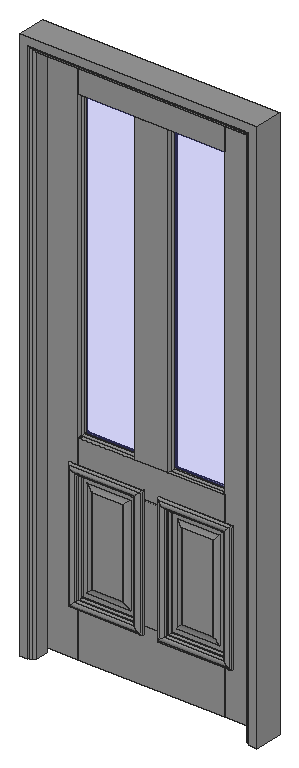
Revit family "H4PHB GTOP", category Doors, host Wall, Revit 2013
Parameters (values of type "H4PHB GTOP")
  Function = Interior
  Frame Projection Ext. = 25 mm
  Frame Projection Int. = 25 mm
  Frame Width = 75 mm
  Height = 2090 mm
  Wall Closure = By host
  Width = 889 mm
Reference planes
  plane 1: y = 0
  plane 2 "Center (Left/Right)": x = 0
  plane 3 "Left": x = -444.5
  plane 4 "Right": x = 444.5
  plane 5: z = 2090
  plane 6 "Exterior": y = 75
  plane 7 "Interior": y = -75
Forms (mm)
  Sweep 1, solid, material "Lauan, Meranti"
    path origin (0, 75, 0) x (1, 0, 0) y (0, 0, 1)
      loop
        line (444.5, 0) -> (444.5, 2090) -> (-444.5, 2090) -> (-444.5, 0)
    profile "Van Acht 105x50 Door Frame Routed Profile (Heavy) : Van Acht 105x50 Door Frame Routed Profile (Heavy)" origin (444.5, 75, 1045) x (-1, 0, 0) y (0, -1, 0)
      loop
        line (0, 22.5) -> (38, 22.5) -> (38, 67.5) -> (50, 67.5) -> (50, 112.5)
        arc (50, 112.5) -> (44.957, 114.29) -> (42.17, 118.859) r 8
        line (42.17, 118.859) -> (39, 118.859)
        arc (39, 118.859) -> (35.311, 122.973) -> (30, 124.5) r 10
        line (30, 124.5) -> (30, 127.5) -> (0, 127.5) -> (0, 22.5)
  Extrusion 2, solid, material "Lauan, Meranti"
    sketch origin (0, -85, 0) x (0, 1, 0) y (0, 0, 1)
      loop
        line (132.5, 20) -> (132.5, 221) -> (130.5, 221)
        arc (130.5, 221) -> (128.866, 225.67) -> (124.5, 228) r 6.807
        line (124.5, 228) -> (124.5, 230) -> (122.5, 230) -> (122.5, 215) -> (102.5, 215) -> (102.5, 230) -> (100.5, 230) -> (100.5, 228)
        arc (100.5, 228) -> (96.134, 225.67) -> (94.5, 221) r 6.807
        line (94.5, 221) -> (92.5, 221) -> (92.5, 20) -> (132.5, 20)
      loop
        line (132.5, 644) -> (132.5, 766) -> (130.5, 766)
        arc (130.5, 766) -> (128.866, 770.67) -> (124.5, 773) r 6.807
        line (124.5, 773) -> (124.5, 775) -> (122.5, 775) -> (122.5, 766) -> (92.5, 766) -> (92.5, 644) -> (94.5, 644)
        arc (94.5, 644) -> (96.134, 639.33) -> (100.5, 637) r 6.807
        line (100.5, 637) -> (100.5, 635) -> (102.5, 635) -> (102.5, 650) -> (122.5, 650) -> (122.5, 635) -> (124.5, 635) -> (124.5, 637)
        arc (124.5, 637) -> (128.866, 639.33) -> (130.5, 644) r 6.807
        line (130.5, 644) -> (132.5, 644)
      loop
        line (130.5, 1921) -> (132.5, 1921) -> (132.5, 2052) -> (92.5, 2052) -> (92.5, 1921) -> (122.5, 1921) -> (122.5, 1912) -> (124.5, 1912) -> (124.5, 1914)
        arc (124.5, 1914) -> (128.866, 1916.33) -> (130.5, 1921) r 6.807
    from -275.5 to 275.5
  Extrusion 3, solid, material "Lauan, Meranti"
    sketch origin (0, 0, 0) x (1, 0, 0) y (0, 1, 0)
      loop
        line (-406.5, 47.5) -> (-406.5, 7.5) -> (-275.5, 7.5) -> (-275.5, 9.5)
        arc (-275.5, 9.5) -> (-270.765, 11.06) -> (-268.5, 15.5) r 6.549
        line (-268.5, 15.5) -> (-266.5, 15.5) -> (-266.5, 17.5) -> (-281.5, 17.5) -> (-281.5, 37.5) -> (-266.5, 37.5) -> (-266.5, 39.5) -> (-268.5, 39.5)
        arc (-268.5, 39.5) -> (-270.765, 43.94) -> (-275.5, 45.5) r 6.549
        line (-275.5, 45.5) -> (-275.5, 47.5) -> (-406.5, 47.5)
      loop
        line (406.5, 47.5) -> (275.5, 47.5) -> (275.5, 45.5)
        arc (275.5, 45.5) -> (270.765, 43.94) -> (268.5, 39.5) r 6.549
        line (268.5, 39.5) -> (266.5, 39.5) -> (266.5, 37.5) -> (281.5, 37.5) -> (281.5, 17.5) -> (266.5, 17.5) -> (266.5, 15.5) -> (268.5, 15.5)
        arc (268.5, 15.5) -> (270.765, 11.06) -> (275.5, 9.5) r 6.549
        line (275.5, 9.5) -> (275.5, 7.5) -> (406.5, 7.5) -> (406.5, 47.5)
    from 20 to 766
  Extrusion 4, solid, material "Lauan, Meranti"
    sketch origin (0, 0, 0) x (1, 0, 0) y (0, 1, 0)
      loop
        line (-406.5, 47.5) -> (-406.5, 7.5) -> (-275.5, 7.5) -> (-275.5, 37.5) -> (-266.5, 37.5) -> (-266.5, 39.5) -> (-268.5, 39.5)
        arc (-268.5, 39.5) -> (-270.765, 43.94) -> (-275.5, 45.5) r 6.549
        line (-275.5, 45.5) -> (-275.5, 47.5) -> (-406.5, 47.5)
      loop
        line (406.5, 47.5) -> (275.5, 47.5) -> (275.5, 45.5)
        arc (275.5, 45.5) -> (270.765, 43.94) -> (268.5, 39.5) r 6.549
        line (268.5, 39.5) -> (266.5, 39.5) -> (266.5, 37.5) -> (275.5, 37.5) -> (275.5, 7.5) -> (406.5, 7.5) -> (406.5, 47.5)
    from 766 to 2052
  Extrusion 5, solid, material "Glass"
    sketch origin (0, -75, 0) x (1, 0, 0) y (0, 0, 1)
      loop
        line (61, 1921) -> (61, 766) -> (275.5, 766) -> (275.5, 1921) -> (61, 1921)
    from -112.5 to -106.1
  Sweep 6, solid, material "Lauan, Meranti"
    path origin (0, -75, 0) x (1, 0, 0) y (0, 0, 1)
      loop
        line (61, 1921) -> (61, 766) -> (275.5, 766) -> (275.5, 1921) -> (61, 1921)
    profile origin (168.25, -75, 1921) x (0, 0, 1) y (0, -1, 0)
      loop
        line (-9, -106.1) -> (0, -106.1) -> (0, -98.1)
        arc (0, -98.1) -> (-4.67, -99.734) -> (-7, -104.1) r 6.807
        line (-7, -104.1) -> (-9, -104.1) -> (-9, -106.1)
  Extrusion 7, solid, material "Lauan, Meranti"
    sketch origin (0, 0, 0) x (1, 0, 0) y (0, 1, 0)
      loop
        line (61, 47.5) -> (-61, 47.5) -> (-61, 45.5)
        arc (-61, 45.5) -> (-65.735, 43.94) -> (-68, 39.5) r 6.549
        line (-68, 39.5) -> (-70, 39.5) -> (-70, 37.5) -> (-55, 37.5) -> (-55, 17.5) -> (-70, 17.5) -> (-70, 15.5) -> (-68, 15.5)
        arc (-68, 15.5) -> (-65.735, 11.06) -> (-61, 9.5) r 6.549
        line (-61, 9.5) -> (-61, 7.5) -> (61, 7.5) -> (61, 9.5)
        arc (61, 9.5) -> (65.735, 11.06) -> (68, 15.5) r 6.549
        line (68, 15.5) -> (70, 15.5) -> (70, 17.5) -> (55, 17.5) -> (55, 37.5) -> (70, 37.5) -> (70, 39.5) -> (68, 39.5)
        arc (68, 39.5) -> (65.735, 43.94) -> (61, 45.5) r 6.549
        line (61, 45.5) -> (61, 47.5)
    from 221 to 644
  Sweep 8, solid, material "Lauan, Meranti"
    path origin (336.5, 75, 0) x (1, 0, 0) y (0, 0, 1)
      loop
        line (-61, 644) -> (-275.5, 644) -> (-275.5, 221) -> (-61, 221) -> (-61, 644)
    profile origin (168.25, 75, 644) x (0, 0, -1) y (0, -1, 0)
      loop
        line (-4.5, 57.5) -> (-4.5, 37.5) -> (25.727, 37.5)
        arc (25.727, 37.5) -> (37.468, 35.847) -> (48.5, 31.5) r 50.456
        line (48.5, 31.5) -> (48.5, 63.5)
        arc (48.5, 63.5) -> (37.468, 59.153) -> (25.727, 57.5) r 50.456
        line (25.727, 57.5) -> (-4.5, 57.5)
  Extrusion 9, solid, material "Lauan, Meranti"
    sketch origin (336.5, 75, 0) x (1, 0, 0) y (0, 0, 1)
      loop
        line (-109.5, 595.5) -> (-227, 595.5) -> (-227, 269.5) -> (-109.5, 269.5) -> (-109.5, 595.5)
    from 31.5 to 63.5
  Sweep 10, solid, material "Lauan, Meranti"
    path origin (208.394, 75, -1205.291) x (1, 0, 0) y (0, 0, 1)
      loop
        line (67.106, 1849.291) -> (-147.394, 1849.291) -> (-147.394, 1426.291) -> (67.106, 1426.291) -> (67.106, 1849.291)
    profile origin (168.25, 75, 644) x (0, 0, -1) y (0, -1, 0)
      loop
        arc (-31, 24) -> (-29.096, 19.404) -> (-24.5, 17.5) r 6.5
        arc (-24.5, 17.5) -> (-15.5, 13.5) -> (-6.5, 17.5) r 12.125
        arc (-6.5, 17.5) -> (-1.904, 19.404) -> (0, 24) r 6.5
        line (0, 24) -> (0, 27.5) -> (-31, 27.5) -> (-31, 24)
  Extrusion 11, solid, material "Lauan, Meranti"
    sketch origin (0, 0, 0) x (1, 0, 0) y (0, 1, 0)
      loop
        line (61, 47.5) -> (-61, 47.5) -> (-61, 45.5)
        arc (-61, 45.5) -> (-65.735, 43.94) -> (-68, 39.5) r 6.549
        line (-68, 39.5) -> (-70, 39.5) -> (-70, 37.5) -> (-61, 37.5) -> (-61, 7.5) -> (61, 7.5) -> (61, 37.5) -> (70, 37.5) -> (70, 39.5) -> (68, 39.5)
        arc (68, 39.5) -> (65.735, 43.94) -> (61, 45.5) r 6.549
        line (61, 45.5) -> (61, 47.5)
    from 766 to 1921
  Sweep 12, solid, material "Lauan, Meranti"
    path origin (208.394, -20, -1205.291) x (1, 0, 0) y (0, 0, -1)
      loop
        line (67.106, -1849.291) -> (67.106, -1426.291) -> (-147.394, -1426.291) -> (-147.394, -1849.291) -> (67.106, -1849.291)
    profile origin (168.25, -20, 644) x (0, 0, 1) y (0, 1, 0)
      loop
        line (31, 24) -> (31, 27.5) -> (0, 27.5) -> (0, 24)
        arc (0, 24) -> (1.904, 19.404) -> (6.5, 17.5) r 6.5
        arc (6.5, 17.5) -> (15.5, 13.5) -> (24.5, 17.5) r 12.125
        arc (24.5, 17.5) -> (29.096, 19.404) -> (31, 24) r 6.5
  Extrusion 13, solid, material "Glass"
    sketch origin (-336.5, -75, 0) x (1, 0, 0) y (0, 0, 1)
      loop
        line (61, 1921) -> (61, 766) -> (275.5, 766) -> (275.5, 1921) -> (61, 1921)
    from -112.5 to -106.1
  Sweep 14, solid, material "Lauan, Meranti"
    path origin (-336.5, -75, 0) x (1, 0, 0) y (0, 0, 1)
      loop
        line (61, 1921) -> (61, 766) -> (275.5, 766) -> (275.5, 1921) -> (61, 1921)
    profile origin (-168.25, -75, 1921) x (0, 0, 1) y (0, -1, 0)
      loop
        line (-9, -106.1) -> (0, -106.1) -> (0, -98.1)
        arc (0, -98.1) -> (-4.67, -99.734) -> (-7, -104.1) r 6.807
        line (-7, -104.1) -> (-9, -104.1) -> (-9, -106.1)
  Sweep 15, solid, material "Lauan, Meranti"
    path origin (0, 75, 0) x (1, 0, 0) y (0, 0, 1)
      loop
        line (-61, 644) -> (-275.5, 644) -> (-275.5, 221) -> (-61, 221) -> (-61, 644)
    profile origin (-168.25, 75, 644) x (0, 0, -1) y (0, -1, 0)
      loop
        line (-4.5, 57.5) -> (-4.5, 37.5) -> (25.727, 37.5)
        arc (25.727, 37.5) -> (37.468, 35.847) -> (48.5, 31.5) r 50.456
        line (48.5, 31.5) -> (48.5, 63.5)
        arc (48.5, 63.5) -> (37.468, 59.153) -> (25.727, 57.5) r 50.456
        line (25.727, 57.5) -> (-4.5, 57.5)
  Extrusion 16, solid, material "Lauan, Meranti"
    sketch origin (0, 75, 0) x (1, 0, 0) y (0, 0, 1)
      loop
        line (-109.5, 595.5) -> (-227, 595.5) -> (-227, 269.5) -> (-109.5, 269.5) -> (-109.5, 595.5)
    from 31.5 to 63.5
  Sweep 17, solid, material "Lauan, Meranti"
    path origin (-128.106, 75, -1205.291) x (1, 0, 0) y (0, 0, 1)
      loop
        line (67.106, 1849.291) -> (-147.394, 1849.291) -> (-147.394, 1426.291) -> (67.106, 1426.291) -> (67.106, 1849.291)
    profile origin (-168.25, 75, 644) x (0, 0, -1) y (0, -1, 0)
      loop
        arc (-31, 24) -> (-29.096, 19.404) -> (-24.5, 17.5) r 6.5
        arc (-24.5, 17.5) -> (-15.5, 13.5) -> (-6.5, 17.5) r 12.125
        arc (-6.5, 17.5) -> (-1.904, 19.404) -> (0, 24) r 6.5
        line (0, 24) -> (0, 27.5) -> (-31, 27.5) -> (-31, 24)
  Sweep 18, solid, material "Lauan, Meranti"
    path origin (-128.106, -20, -1205.291) x (1, 0, 0) y (0, 0, -1)
      loop
        line (67.106, -1849.291) -> (67.106, -1426.291) -> (-147.394, -1426.291) -> (-147.394, -1849.291) -> (67.106, -1849.291)
    profile origin (-168.25, -20, 644) x (0, 0, 1) y (0, 1, 0)
      loop
        line (31, 24) -> (31, 27.5) -> (0, 27.5) -> (0, 24)
        arc (0, 24) -> (1.904, 19.404) -> (6.5, 17.5) r 6.5
        arc (6.5, 17.5) -> (15.5, 13.5) -> (24.5, 17.5) r 12.125
        arc (24.5, 17.5) -> (29.096, 19.404) -> (31, 24) r 6.5
Cuts and joins
  joined: Extrusion 3, Extrusion 4
Lines and regions (mm)
  Opening 1
    outline origin (-3050, -75, 0) x (1, 0, 0) y (0, 0, 1)
      loop
        line (2605.5, 0) -> (3494.5, 0) -> (3494.5, 2090) -> (2605.5, 2090) -> (2605.5, 0)
  symbolic lines, style "Elevation Swing"
    curve 1: line (444.5, -75, 1045) -> (-444.5, -75, 2090)
    curve 2: line (444.5, -75, 1045) -> (-444.5, -75, 0)
  model lines
    curve 3: line (406.5, 52.5, 0) -> (406.5, 865.5, 0)
    curve 4: arc (-406.5, 52.5, 0) -> (-168.378, 627.378, 0) -> (406.5, 865.5, 0) r 813
Text (mm)
  text "Exterior" at (-2295.016, 1099.543, 0), in view "Ref. Level"
  text "Exterior" at (0, 1615.38, 3698.081), in view "Left"
  text "Exterior" at (0, 1036.032, 3874.932), in view "Right"
Dimensions and locks
  equal spacing: plane 3 "Left", plane 2 "Center (Left/Right)", plane 4 "Right"
  "Width": plane 3 "Left" to plane 4 "Right"
  "Height": plane 5 to host wall
  equal spacing: host wall, curve 2, plane 5
  host wall to plane 5 = 2090 mm
  locked: plane 6 "Exterior" to host wall at 0
  locked: plane 7 "Interior" to host wall
  plane 3 "Left" to plane 4 "Right" = 889 mm
  Sweep 1 to Sweep 1 = 813 mm
  Extrusion 3 to Sweep 1 = 2032 mm
  aligned and locked: plane 3 "Left" to Opening 1 sketch curve
  aligned and locked: plane 5 to Opening 1 sketch curve  (x2)
  aligned and locked: Opening 1 sketch curve to plane 4 "Right"
  aligned and locked: Opening 1 sketch curve to level
  aligned and locked: plane 5 to curve 1
  aligned and locked: plane 3 "Left" to curve 2
  aligned and locked: plane 1 to host wall
  aligned and locked: plane 3 "Left" to curve 1
Automatic sketch dimensions
  plane 4 "Right" to curve 2 = 0 mm
  curve 2 to level = 0 mm
  plane 3 "Left" to Sweep 1 sketch curve = 0 mm
  plane 4 "Right" to Sweep 1 sketch curve = 0 mm
  Sweep 1 sketch curve to plane 5 = 0 mm
  Sweep 1 sketch curve to level = 0 mm  (x2)
  Extrusion 2 sketch curve to host wall = 7.5 mm  (x3)
  level to Extrusion 2 sketch curve = 20 mm
  Extrusion 2 sketch curve to Extrusion 2 sketch curve = 2 mm  (x17)
  Extrusion 2 sketch curve to Extrusion 2 sketch curve = 6 mm  (x6)
  Extrusion 2 sketch curve to Extrusion 2 sketch curve = 30 mm  (x2)
  Extrusion 2 sketch curve to Extrusion 2 sketch curve = 20 mm  (x2)
  Extrusion 2 sketch curve to Extrusion 2 sketch curve = 8 mm  (x2)
  Extrusion 2 sketch curve to Extrusion 2 sketch curve = 1.197 mm  (x6)
  Extrusion 2 sketch curve to Extrusion 2 sketch curve = 195 mm
  Extrusion 2 sketch curve to Extrusion 2 sketch curve = 7 mm  (x6)
  Extrusion 2 sketch curve to Extrusion 2 sketch curve = 405 mm
  Extrusion 2 sketch curve to Extrusion 2 sketch curve = 0 mm  (x2)
  Extrusion 2 sketch curve to Extrusion 2 sketch curve = 6.241 mm
  Extrusion 2 sketch curve to Extrusion 2 sketch curve = 116 mm
  plane 5 to Extrusion 2 sketch curve = 178 mm
  Extrusion 2 sketch curve to Extrusion 2 sketch curve = 0.241 mm
  plane 5 to Extrusion 2 sketch curve = 38 mm
  Extrusion 3 sketch curve to host wall = 7.5 mm  (x2)
  Extrusion 3 sketch curve to plane 3 "Left" = 38 mm
  Extrusion 3 sketch curve to host wall = 37.5 mm  (x2)
  Extrusion 3 sketch curve to Extrusion 3 sketch curve = 125 mm
  Extrusion 3 sketch curve to Extrusion 3 sketch curve = 6 mm  (x7)
  Extrusion 3 sketch curve to Extrusion 3 sketch curve = 7 mm  (x4)
  Extrusion 3 sketch curve to Extrusion 3 sketch curve = 2 mm  (x11)
  plane 4 "Right" to Extrusion 3 sketch curve = 178 mm
  Extrusion 3 sketch curve to Extrusion 3 sketch curve = 0 mm
  plane 4 "Right" to Extrusion 3 sketch curve = 38 mm
  Extrusion 3 sketch curve to Extrusion 3 sketch curve = 0.473 mm  (x3)
  Extrusion 3 sketch curve to Extrusion 3 sketch curve = 6.527 mm
  Extrusion 3 sketch curve to Extrusion 3 sketch curve = 1.468 mm
  plane 4 "Right" to curve 3 = 38 mm
  host wall to curve 3 = 790.5 mm
  curve 4 to host wall = 22.5 mm
  curve 3 to curve 4 = 0 mm
  Extrusion 4 sketch curve to host wall = 7.5 mm  (x2)
  Extrusion 4 sketch curve to plane 3 "Left" = 38 mm
  Extrusion 4 sketch curve to host wall = 37.5 mm  (x2)
  Extrusion 4 sketch curve to Extrusion 4 sketch curve = 131 mm
  Extrusion 4 sketch curve to Extrusion 4 sketch curve = 0 mm
  Extrusion 4 sketch curve to Extrusion 4 sketch curve = 7 mm  (x2)
  Extrusion 4 sketch curve to Extrusion 4 sketch curve = 2 mm  (x5)
  plane 4 "Right" to Extrusion 4 sketch curve = 178 mm
  Extrusion 4 sketch curve to Extrusion 4 sketch curve = 9 mm
  plane 4 "Right" to Extrusion 4 sketch curve = 38 mm
  Extrusion 4 sketch curve to Extrusion 4 sketch curve = 0.473 mm  (x2)
  Extrusion 4 sketch curve to Extrusion 4 sketch curve = 8 mm  (x2)
  Extrusion 4 sketch curve to host wall = 27.5 mm
  plane 2 "Center (Left/Right)" to Extrusion 5 sketch curve = 61 mm
  level to Extrusion 5 sketch curve = 766 mm
  plane 4 "Right" to Extrusion 5 sketch curve = 169 mm
  plane 5 to Extrusion 5 sketch curve = 169 mm
  plane 2 "Center (Left/Right)" to Sweep 6 sketch curve = 61 mm
  level to Sweep 6 sketch curve = 766 mm
  plane 4 "Right" to Sweep 6 sketch curve = 169 mm
  plane 5 to Sweep 6 sketch curve = 169 mm
  profile plane to Sweep 6 sketch curve = 0 mm
  profile plane to Sweep 6 sketch curve = 9 mm
  Sweep 6 sketch curve to plane 7 "Interior" = 106.1 mm
  Sweep 6 sketch curve to Sweep 6 sketch curve = 2 mm  (x2)
  profile plane to Sweep 6 sketch curve = 0.241 mm
  Sweep 6 sketch curve to Sweep 6 sketch curve = 8 mm
  Extrusion 7 sketch curve to host wall = 35.5 mm
  Extrusion 7 sketch curve to plane 2 "Center (Left/Right)" = 70 mm
  Extrusion 7 sketch curve to host wall = 7.5 mm
  Extrusion 7 sketch curve to Extrusion 7 sketch curve = 0 mm
  Extrusion 7 sketch curve to Extrusion 7 sketch curve = 2 mm  (x11)
  Extrusion 7 sketch curve to Extrusion 7 sketch curve = 7 mm  (x4)
  Extrusion 7 sketch curve to Extrusion 7 sketch curve = 6 mm  (x6)
  Extrusion 7 sketch curve to host wall = 17.5 mm
  plane 2 "Center (Left/Right)" to Extrusion 7 sketch curve = 55 mm
  Extrusion 7 sketch curve to Extrusion 7 sketch curve = 6.527 mm  (x3)
  Extrusion 7 sketch curve to Extrusion 7 sketch curve = 0.473 mm
  Extrusion 7 sketch curve to Extrusion 7 sketch curve = 20 mm
  plane 2 "Center (Left/Right)" to Sweep 8 sketch curve = 61 mm
  level to Sweep 8 sketch curve = 221 mm
  plane 4 "Right" to Sweep 8 sketch curve = 169 mm
  Sweep 8 sketch curve to Sweep 8 sketch curve = 423 mm
  profile plane to Sweep 8 sketch curve = 4.5 mm
  plane 6 "Exterior" to Sweep 8 sketch curve = 31.5 mm
  Sweep 8 sketch curve to profile plane = 25.727 mm
  Sweep 8 sketch curve to Sweep 8 sketch curve = 0 mm
  Sweep 8 sketch curve to Sweep 8 sketch curve = 22.773 mm
  Sweep 8 sketch curve to profile plane = 24.613 mm  (x2)
  plane 6 "Exterior" to Sweep 8 sketch curve = 37.5 mm
  Sweep 8 sketch curve to Sweep 8 sketch curve = 20 mm
  Sweep 8 sketch curve to Sweep 8 sketch curve = 6 mm
  plane 2 "Center (Left/Right)" to Extrusion 9 sketch curve = 109.5 mm
  level to Extrusion 9 sketch curve = 269.5 mm
  Extrusion 9 sketch curve to Extrusion 9 sketch curve = 117.5 mm
  Extrusion 9 sketch curve to Extrusion 9 sketch curve = 326 mm
  plane 2 "Center (Left/Right)" to Sweep 10 sketch curve = 61 mm
  level to Sweep 10 sketch curve = 221 mm
  plane 4 "Right" to Sweep 10 sketch curve = 169 mm
  Sweep 10 sketch curve to Sweep 10 sketch curve = 423 mm
  Sweep 10 sketch curve to profile plane = 0 mm
  profile plane to Sweep 10 sketch curve = 24 mm
  profile plane to Sweep 10 sketch curve = 31 mm
  Sweep 10 sketch curve to Sweep 10 sketch curve = 6.5 mm
  Sweep 10 sketch curve to Sweep 10 sketch curve = 9 mm
  profile plane to Sweep 10 sketch curve = 6.5 mm
  Sweep 10 sketch curve to Sweep 10 sketch curve = 3.5 mm
  Sweep 10 sketch curve to Sweep 10 sketch curve = 1.625 mm
  Extrusion 11 sketch curve to host wall = 35.5 mm
  Extrusion 11 sketch curve to plane 2 "Center (Left/Right)" = 70 mm
  Extrusion 11 sketch curve to host wall = 7.5 mm
  Extrusion 11 sketch curve to Extrusion 11 sketch curve = 2 mm  (x5)
  Extrusion 11 sketch curve to Extrusion 11 sketch curve = 7 mm  (x2)
  Extrusion 11 sketch curve to Extrusion 11 sketch curve = 0 mm  (x2)
  plane 2 "Center (Left/Right)" to Extrusion 11 sketch curve = 61 mm
  Extrusion 11 sketch curve to Extrusion 11 sketch curve = 0.473 mm  (x2)
  Extrusion 11 sketch curve to Extrusion 11 sketch curve = 30 mm
  Extrusion 11 sketch curve to Extrusion 11 sketch curve = 8 mm  (x2)
  plane 2 "Center (Left/Right)" to Sweep 12 sketch curve = 61 mm
  level to Sweep 12 sketch curve = 644 mm
  plane 4 "Right" to Sweep 12 sketch curve = 169 mm
  level to Sweep 12 sketch curve = 221 mm
  profile plane to Sweep 12 sketch curve = 0 mm
  profile plane to Sweep 12 sketch curve = 24 mm
  Sweep 12 sketch curve to profile plane = 31 mm
  Sweep 12 sketch curve to profile plane = 6.5 mm
  Sweep 12 sketch curve to Sweep 12 sketch curve = 9 mm
  Sweep 12 sketch curve to Sweep 12 sketch curve = 6.5 mm
  Sweep 12 sketch curve to Sweep 12 sketch curve = 3.5 mm
  Sweep 12 sketch curve to Sweep 12 sketch curve = 1.625 mm
  Extrusion 13 sketch curve to plane 3 "Left" = 169 mm
  level to Extrusion 13 sketch curve = 766 mm
  Extrusion 13 sketch curve to plane 2 "Center (Left/Right)" = 61 mm
  plane 5 to Extrusion 13 sketch curve = 169 mm
  Sweep 14 sketch curve to plane 3 "Left" = 169 mm
  level to Sweep 14 sketch curve = 766 mm
  Sweep 14 sketch curve to plane 2 "Center (Left/Right)" = 61 mm
  plane 5 to Sweep 14 sketch curve = 169 mm
  profile plane to Sweep 14 sketch curve = 0 mm
  profile plane to Sweep 14 sketch curve = 9 mm
  Sweep 14 sketch curve to plane 7 "Interior" = 106.1 mm
  Sweep 14 sketch curve to Sweep 14 sketch curve = 2 mm  (x2)
  profile plane to Sweep 14 sketch curve = 0.241 mm
  Sweep 14 sketch curve to Sweep 14 sketch curve = 8 mm
  Sweep 15 sketch curve to plane 3 "Left" = 169 mm
  Sweep 15 sketch curve to plane 2 "Center (Left/Right)" = 61 mm
  level to Sweep 15 sketch curve = 221 mm
  Sweep 15 sketch curve to Sweep 15 sketch curve = 423 mm
  profile plane to Sweep 15 sketch curve = 4.5 mm
  plane 6 "Exterior" to Sweep 15 sketch curve = 31.5 mm
  Sweep 15 sketch curve to profile plane = 25.727 mm
  Sweep 15 sketch curve to Sweep 15 sketch curve = 0 mm
  Sweep 15 sketch curve to Sweep 15 sketch curve = 22.773 mm
  Sweep 15 sketch curve to profile plane = 24.613 mm  (x2)
  plane 6 "Exterior" to Sweep 15 sketch curve = 37.5 mm
  Sweep 15 sketch curve to Sweep 15 sketch curve = 20 mm
  Sweep 15 sketch curve to Sweep 15 sketch curve = 6 mm
  Extrusion 16 sketch curve to plane 3 "Left" = 217.5 mm
  Extrusion 16 sketch curve to plane 2 "Center (Left/Right)" = 109.5 mm
  level to Extrusion 16 sketch curve = 269.5 mm
  Extrusion 16 sketch curve to Extrusion 16 sketch curve = 326 mm
  Sweep 17 sketch curve to plane 3 "Left" = 169 mm
  Sweep 17 sketch curve to plane 2 "Center (Left/Right)" = 61 mm
  level to Sweep 17 sketch curve = 221 mm
  Sweep 17 sketch curve to Sweep 17 sketch curve = 423 mm
  Sweep 17 sketch curve to profile plane = 0 mm
  profile plane to Sweep 17 sketch curve = 24 mm
  profile plane to Sweep 17 sketch curve = 31 mm
  Sweep 17 sketch curve to Sweep 17 sketch curve = 6.5 mm
  Sweep 17 sketch curve to Sweep 17 sketch curve = 9 mm
  profile plane to Sweep 17 sketch curve = 6.5 mm
  Sweep 17 sketch curve to Sweep 17 sketch curve = 3.5 mm
  Sweep 17 sketch curve to Sweep 17 sketch curve = 1.625 mm
  Sweep 18 sketch curve to plane 3 "Left" = 169 mm
  level to Sweep 18 sketch curve = 644 mm
  Sweep 18 sketch curve to plane 2 "Center (Left/Right)" = 61 mm
  level to Sweep 18 sketch curve = 221 mm
  profile plane to Sweep 18 sketch curve = 0 mm
  profile plane to Sweep 18 sketch curve = 24 mm
  Sweep 18 sketch curve to profile plane = 31 mm
  Sweep 18 sketch curve to profile plane = 6.5 mm
  Sweep 18 sketch curve to Sweep 18 sketch curve = 9 mm
  Sweep 18 sketch curve to Sweep 18 sketch curve = 6.5 mm
  Sweep 18 sketch curve to Sweep 18 sketch curve = 3.5 mm
  Sweep 18 sketch curve to Sweep 18 sketch curve = 1.625 mm
